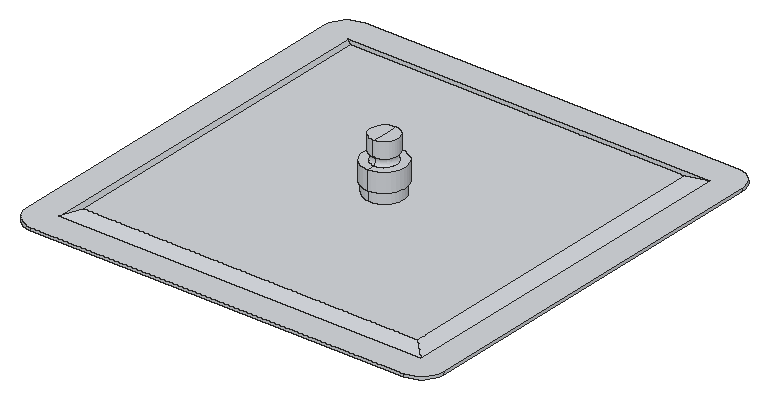
Revit family "BRG-GRF-DCH_ Briggs Reg. Cuad. Slim Inox Cr 30 cm", category Aparatos sanitarios, Revit 2020 (continued)
Definition of nested family "REJILLA"
  Forms (m)
    SweptBlend 123, solid
      path origin (-0.235216, 0.062968, 0.01236) x (-1, 0, 0) y (0, 0, 1)
        loop
          line (-0.110116, -0.059) -> (-0.110116, -0.056)
      profile origin (-0.1251, 0.062968, -0.04664) x (1, 0, 0) y (0, 1, 0)
        loop
          circle (0, -0.000418) r 0.001
      end profile origin (-0.1251, 0.062968, -0.04364) x (1, 0, 0) y (0, 1, 0)
        loop
          circle (0, -0.000418) r 0.004
    SweptBlend 124, solid
      path origin (-0.214366, 0.062968, 0.01236) x (-1, 0, 0) y (0, 0, 1)
        loop
          line (-0.110116, -0.059) -> (-0.110116, -0.056)
      profile origin (-0.10425, 0.062968, -0.04664) x (1, 0, 0) y (0, 1, 0)
        loop
          circle (0, -0.000418) r 0.001
      end profile origin (-0.10425, 0.062968, -0.04364) x (1, 0, 0) y (0, 1, 0)
        loop
          circle (0, -0.000418) r 0.004
    SweptBlend 125, solid
      path origin (-0.193516, 0.062968, 0.01236) x (-1, 0, 0) y (0, 0, 1)
        loop
          line (-0.110116, -0.059) -> (-0.110116, -0.056)
      profile origin (-0.0834, 0.062968, -0.04664) x (1, 0, 0) y (0, 1, 0)
        loop
          circle (0, -0.000418) r 0.001
      end profile origin (-0.0834, 0.062968, -0.04364) x (1, 0, 0) y (0, 1, 0)
        loop
          circle (0, -0.000418) r 0.004
    SweptBlend 126, solid
      path origin (-0.172666, 0.062968, 0.01236) x (-1, 0, 0) y (0, 0, 1)
        loop
          line (-0.110116, -0.059) -> (-0.110116, -0.056)
      profile origin (-0.06255, 0.062968, -0.04664) x (1, 0, 0) y (0, 1, 0)
        loop
          circle (0, -0.000418) r 0.001
      end profile origin (-0.06255, 0.062968, -0.04364) x (1, 0, 0) y (0, 1, 0)
        loop
          circle (0, -0.000418) r 0.004
    SweptBlend 127, solid
      path origin (-0.151816, 0.062968, 0.01236) x (-1, 0, 0) y (0, 0, 1)
        loop
          line (-0.110116, -0.059) -> (-0.110116, -0.056)
      profile origin (-0.0417, 0.062968, -0.04664) x (1, 0, 0) y (0, 1, 0)
        loop
          circle (0, -0.000418) r 0.001
      end profile origin (-0.0417, 0.062968, -0.04364) x (1, 0, 0) y (0, 1, 0)
        loop
          circle (0, -0.000418) r 0.004
    SweptBlend 128, solid
      path origin (-0.130966, 0.062968, 0.01236) x (-1, 0, 0) y (0, 0, 1)
        loop
          line (-0.110116, -0.059) -> (-0.110116, -0.056)
      profile origin (-0.02085, 0.062968, -0.04664) x (1, 0, 0) y (0, 1, 0)
        loop
          circle (0, -0.000418) r 0.001
      end profile origin (-0.02085, 0.062968, -0.04364) x (1, 0, 0) y (0, 1, 0)
        loop
          circle (0, -0.000418) r 0.004
    SweptBlend 129, solid
      path origin (-0.110116, 0.062968, 0.01236) x (-1, 0, 0) y (0, 0, 1)
        loop
          line (-0.110116, -0.059) -> (-0.110116, -0.056)
      profile origin (0, 0.062968, -0.04664) x (1, 0, 0) y (0, 1, 0)
        loop
          circle (0, -0.000418) r 0.001
      end profile origin (0, 0.062968, -0.04364) x (1, 0, 0) y (0, 1, 0)
        loop
          circle (0, -0.000418) r 0.004
    SweptBlend 130, solid
      path origin (-0.089266, 0.062968, 0.01236) x (-1, 0, 0) y (0, 0, 1)
        loop
          line (-0.110116, -0.059) -> (-0.110116, -0.056)
      profile origin (0.02085, 0.062968, -0.04664) x (1, 0, 0) y (0, 1, 0)
        loop
          circle (0, -0.000418) r 0.001
      end profile origin (0.02085, 0.062968, -0.04364) x (1, 0, 0) y (0, 1, 0)
        loop
          circle (0, -0.000418) r 0.004
    SweptBlend 131, solid
      path origin (-0.068416, 0.062968, 0.01236) x (-1, 0, 0) y (0, 0, 1)
        loop
          line (-0.110116, -0.059) -> (-0.110116, -0.056)
      profile origin (0.0417, 0.062968, -0.04664) x (1, 0, 0) y (0, 1, 0)
        loop
          circle (0, -0.000418) r 0.001
      end profile origin (0.0417, 0.062968, -0.04364) x (1, 0, 0) y (0, 1, 0)
        loop
          circle (0, -0.000418) r 0.004
    SweptBlend 132, solid
      path origin (-0.047566, 0.062968, 0.01236) x (-1, 0, 0) y (0, 0, 1)
        loop
          line (-0.110116, -0.059) -> (-0.110116, -0.056)
      profile origin (0.06255, 0.062968, -0.04664) x (1, 0, 0) y (0, 1, 0)
        loop
          circle (0, -0.000418) r 0.001
      end profile origin (0.06255, 0.062968, -0.04364) x (1, 0, 0) y (0, 1, 0)
        loop
          circle (0, -0.000418) r 0.004
    SweptBlend 133, solid
      path origin (-0.026716, 0.062968, 0.01236) x (-1, 0, 0) y (0, 0, 1)
        loop
          line (-0.110116, -0.059) -> (-0.110116, -0.056)
      profile origin (0.0834, 0.062968, -0.04664) x (1, 0, 0) y (0, 1, 0)
        loop
          circle (0, -0.000418) r 0.001
      end profile origin (0.0834, 0.062968, -0.04364) x (1, 0, 0) y (0, 1, 0)
        loop
          circle (0, -0.000418) r 0.004
    SweptBlend 134, solid
      path origin (-0.005866, 0.062968, 0.01236) x (-1, 0, 0) y (0, 0, 1)
        loop
          line (-0.110116, -0.059) -> (-0.110116, -0.056)
      profile origin (0.10425, 0.062968, -0.04664) x (1, 0, 0) y (0, 1, 0)
        loop
          circle (0, -0.000418) r 0.001
      end profile origin (0.10425, 0.062968, -0.04364) x (1, 0, 0) y (0, 1, 0)
        loop
          circle (0, -0.000418) r 0.004
    SweptBlend 135, solid
      path origin (0.014984, 0.062968, 0.01236) x (-1, 0, 0) y (0, 0, 1)
        loop
          line (-0.110116, -0.059) -> (-0.110116, -0.056)
      profile origin (0.1251, 0.062968, -0.04664) x (1, 0, 0) y (0, 1, 0)
        loop
          circle (0, -0.000418) r 0.001
      end profile origin (0.1251, 0.062968, -0.04364) x (1, 0, 0) y (0, 1, 0)
        loop
          circle (0, -0.000418) r 0.004
    SweptBlend 136, solid
      path origin (-0.235216, 0.083818, 0.01236) x (-1, 0, 0) y (0, 0, 1)
        loop
          line (-0.110116, -0.059) -> (-0.110116, -0.056)
      profile origin (-0.1251, 0.083818, -0.04664) x (1, 0, 0) y (0, 1, 0)
        loop
          circle (0, -0.000418) r 0.001
      end profile origin (-0.1251, 0.083818, -0.04364) x (1, 0, 0) y (0, 1, 0)
        loop
          circle (0, -0.000418) r 0.004
    SweptBlend 137, solid
      path origin (-0.214366, 0.083818, 0.01236) x (-1, 0, 0) y (0, 0, 1)
        loop
          line (-0.110116, -0.059) -> (-0.110116, -0.056)
      profile origin (-0.10425, 0.083818, -0.04664) x (1, 0, 0) y (0, 1, 0)
        loop
          circle (0, -0.000418) r 0.001
      end profile origin (-0.10425, 0.083818, -0.04364) x (1, 0, 0) y (0, 1, 0)
        loop
          circle (0, -0.000418) r 0.004
    SweptBlend 138, solid
      path origin (-0.193516, 0.083818, 0.01236) x (-1, 0, 0) y (0, 0, 1)
        loop
          line (-0.110116, -0.059) -> (-0.110116, -0.056)
      profile origin (-0.0834, 0.083818, -0.04664) x (1, 0, 0) y (0, 1, 0)
        loop
          circle (0, -0.000418) r 0.001
      end profile origin (-0.0834, 0.083818, -0.04364) x (1, 0, 0) y (0, 1, 0)
        loop
          circle (0, -0.000418) r 0.004
    SweptBlend 139, solid
      path origin (-0.172666, 0.083818, 0.01236) x (-1, 0, 0) y (0, 0, 1)
        loop
          line (-0.110116, -0.059) -> (-0.110116, -0.056)
      profile origin (-0.06255, 0.083818, -0.04664) x (1, 0, 0) y (0, 1, 0)
        loop
          circle (0, -0.000418) r 0.001
      end profile origin (-0.06255, 0.083818, -0.04364) x (1, 0, 0) y (0, 1, 0)
        loop
          circle (0, -0.000418) r 0.004
    SweptBlend 140, solid
      path origin (-0.151816, 0.083818, 0.01236) x (-1, 0, 0) y (0, 0, 1)
        loop
          line (-0.110116, -0.059) -> (-0.110116, -0.056)
      profile origin (-0.0417, 0.083818, -0.04664) x (1, 0, 0) y (0, 1, 0)
        loop
          circle (0, -0.000418) r 0.001
      end profile origin (-0.0417, 0.083818, -0.04364) x (1, 0, 0) y (0, 1, 0)
        loop
          circle (0, -0.000418) r 0.004
    SweptBlend 141, solid
      path origin (-0.130966, 0.083818, 0.01236) x (-1, 0, 0) y (0, 0, 1)
        loop
          line (-0.110116, -0.059) -> (-0.110116, -0.056)
      profile origin (-0.02085, 0.083818, -0.04664) x (1, 0, 0) y (0, 1, 0)
        loop
          circle (0, -0.000418) r 0.001
      end profile origin (-0.02085, 0.083818, -0.04364) x (1, 0, 0) y (0, 1, 0)
        loop
          circle (0, -0.000418) r 0.004
    SweptBlend 142, solid
      path origin (-0.110116, 0.083818, 0.01236) x (-1, 0, 0) y (0, 0, 1)
        loop
          line (-0.110116, -0.059) -> (-0.110116, -0.056)
      profile origin (0, 0.083818, -0.04664) x (1, 0, 0) y (0, 1, 0)
        loop
          circle (0, -0.000418) r 0.001
      end profile origin (0, 0.083818, -0.04364) x (1, 0, 0) y (0, 1, 0)
        loop
          circle (0, -0.000418) r 0.004
    SweptBlend 143, solid
      path origin (-0.089266, 0.083818, 0.01236) x (-1, 0, 0) y (0, 0, 1)
        loop
          line (-0.110116, -0.059) -> (-0.110116, -0.056)
      profile origin (0.02085, 0.083818, -0.04664) x (1, 0, 0) y (0, 1, 0)
        loop
          circle (0, -0.000418) r 0.001
      end profile origin (0.02085, 0.083818, -0.04364) x (1, 0, 0) y (0, 1, 0)
        loop
          circle (0, -0.000418) r 0.004
    SweptBlend 144, solid
      path origin (-0.068416, 0.083818, 0.01236) x (-1, 0, 0) y (0, 0, 1)
        loop
          line (-0.110116, -0.059) -> (-0.110116, -0.056)
      profile origin (0.0417, 0.083818, -0.04664) x (1, 0, 0) y (0, 1, 0)
        loop
          circle (0, -0.000418) r 0.001
      end profile origin (0.0417, 0.083818, -0.04364) x (1, 0, 0) y (0, 1, 0)
        loop
          circle (0, -0.000418) r 0.004
    SweptBlend 145, solid
      path origin (-0.047566, 0.083818, 0.01236) x (-1, 0, 0) y (0, 0, 1)
        loop
          line (-0.110116, -0.059) -> (-0.110116, -0.056)
      profile origin (0.06255, 0.083818, -0.04664) x (1, 0, 0) y (0, 1, 0)
        loop
          circle (0, -0.000418) r 0.001
      end profile origin (0.06255, 0.083818, -0.04364) x (1, 0, 0) y (0, 1, 0)
        loop
          circle (0, -0.000418) r 0.004
    SweptBlend 146, solid
      path origin (-0.026716, 0.083818, 0.01236) x (-1, 0, 0) y (0, 0, 1)
        loop
          line (-0.110116, -0.059) -> (-0.110116, -0.056)
      profile origin (0.0834, 0.083818, -0.04664) x (1, 0, 0) y (0, 1, 0)
        loop
          circle (0, -0.000418) r 0.001
      end profile origin (0.0834, 0.083818, -0.04364) x (1, 0, 0) y (0, 1, 0)
        loop
          circle (0, -0.000418) r 0.004
    SweptBlend 147, solid
      path origin (-0.005866, 0.083818, 0.01236) x (-1, 0, 0) y (0, 0, 1)
        loop
          line (-0.110116, -0.059) -> (-0.110116, -0.056)
      profile origin (0.10425, 0.083818, -0.04664) x (1, 0, 0) y (0, 1, 0)
        loop
          circle (0, -0.000418) r 0.001
      end profile origin (0.10425, 0.083818, -0.04364) x (1, 0, 0) y (0, 1, 0)
        loop
          circle (0, -0.000418) r 0.004
    SweptBlend 148, solid
      path origin (0.014984, 0.083818, 0.01236) x (-1, 0, 0) y (0, 0, 1)
        loop
          line (-0.110116, -0.059) -> (-0.110116, -0.056)
      profile origin (0.1251, 0.083818, -0.04664) x (1, 0, 0) y (0, 1, 0)
        loop
          circle (0, -0.000418) r 0.001
      end profile origin (0.1251, 0.083818, -0.04364) x (1, 0, 0) y (0, 1, 0)
        loop
          circle (0, -0.000418) r 0.004
    SweptBlend 149, solid
      path origin (-0.235216, 0.104668, 0.01236) x (-1, 0, 0) y (0, 0, 1)
        loop
          line (-0.110116, -0.059) -> (-0.110116, -0.056)
      profile origin (-0.1251, 0.104668, -0.04664) x (1, 0, 0) y (0, 1, 0)
        loop
          circle (0, -0.000418) r 0.001
      end profile origin (-0.1251, 0.104668, -0.04364) x (1, 0, 0) y (0, 1, 0)
        loop
          circle (0, -0.000418) r 0.004
    SweptBlend 150, solid
      path origin (-0.214366, 0.104668, 0.01236) x (-1, 0, 0) y (0, 0, 1)
        loop
          line (-0.110116, -0.059) -> (-0.110116, -0.056)
      profile origin (-0.10425, 0.104668, -0.04664) x (1, 0, 0) y (0, 1, 0)
        loop
          circle (0, -0.000418) r 0.001
      end profile origin (-0.10425, 0.104668, -0.04364) x (1, 0, 0) y (0, 1, 0)
        loop
          circle (0, -0.000418) r 0.004
    SweptBlend 151, solid
      path origin (-0.193516, 0.104668, 0.01236) x (-1, 0, 0) y (0, 0, 1)
        loop
          line (-0.110116, -0.059) -> (-0.110116, -0.056)
      profile origin (-0.0834, 0.104668, -0.04664) x (1, 0, 0) y (0, 1, 0)
        loop
          circle (0, -0.000418) r 0.001
      end profile origin (-0.0834, 0.104668, -0.04364) x (1, 0, 0) y (0, 1, 0)
        loop
          circle (0, -0.000418) r 0.004
    SweptBlend 152, solid
      path origin (-0.172666, 0.104668, 0.01236) x (-1, 0, 0) y (0, 0, 1)
        loop
          line (-0.110116, -0.059) -> (-0.110116, -0.056)
      profile origin (-0.06255, 0.104668, -0.04664) x (1, 0, 0) y (0, 1, 0)
        loop
          circle (0, -0.000418) r 0.001
      end profile origin (-0.06255, 0.104668, -0.04364) x (1, 0, 0) y (0, 1, 0)
        loop
          circle (0, -0.000418) r 0.004
    SweptBlend 153, solid
      path origin (-0.151816, 0.104668, 0.01236) x (-1, 0, 0) y (0, 0, 1)
        loop
          line (-0.110116, -0.059) -> (-0.110116, -0.056)
      profile origin (-0.0417, 0.104668, -0.04664) x (1, 0, 0) y (0, 1, 0)
        loop
          circle (0, -0.000418) r 0.001
      end profile origin (-0.0417, 0.104668, -0.04364) x (1, 0, 0) y (0, 1, 0)
        loop
          circle (0, -0.000418) r 0.004
    SweptBlend 154, solid
      path origin (-0.130966, 0.104668, 0.01236) x (-1, 0, 0) y (0, 0, 1)
        loop
          line (-0.110116, -0.059) -> (-0.110116, -0.056)
      profile origin (-0.02085, 0.104668, -0.04664) x (1, 0, 0) y (0, 1, 0)
        loop
          circle (0, -0.000418) r 0.001
      end profile origin (-0.02085, 0.104668, -0.04364) x (1, 0, 0) y (0, 1, 0)
        loop
          circle (0, -0.000418) r 0.004
    SweptBlend 155, solid
      path origin (-0.110116, 0.104668, 0.01236) x (-1, 0, 0) y (0, 0, 1)
        loop
          line (-0.110116, -0.059) -> (-0.110116, -0.056)
      profile origin (0, 0.104668, -0.04664) x (1, 0, 0) y (0, 1, 0)
        loop
          circle (0, -0.000418) r 0.001
      end profile origin (0, 0.104668, -0.04364) x (1, 0, 0) y (0, 1, 0)
        loop
          circle (0, -0.000418) r 0.004
    SweptBlend 156, solid
      path origin (-0.089266, 0.104668, 0.01236) x (-1, 0, 0) y (0, 0, 1)
        loop
          line (-0.110116, -0.059) -> (-0.110116, -0.056)
      profile origin (0.02085, 0.104668, -0.04664) x (1, 0, 0) y (0, 1, 0)
        loop
          circle (0, -0.000418) r 0.001
      end profile origin (0.02085, 0.104668, -0.04364) x (1, 0, 0) y (0, 1, 0)
        loop
          circle (0, -0.000418) r 0.004
    SweptBlend 157, solid
      path origin (-0.068416, 0.104668, 0.01236) x (-1, 0, 0) y (0, 0, 1)
        loop
          line (-0.110116, -0.059) -> (-0.110116, -0.056)
      profile origin (0.0417, 0.104668, -0.04664) x (1, 0, 0) y (0, 1, 0)
        loop
          circle (0, -0.000418) r 0.001
      end profile origin (0.0417, 0.104668, -0.04364) x (1, 0, 0) y (0, 1, 0)
        loop
          circle (0, -0.000418) r 0.004
    SweptBlend 158, solid
      path origin (-0.047566, 0.104668, 0.01236) x (-1, 0, 0) y (0, 0, 1)
        loop
          line (-0.110116, -0.059) -> (-0.110116, -0.056)
      profile origin (0.06255, 0.104668, -0.04664) x (1, 0, 0) y (0, 1, 0)
        loop
          circle (0, -0.000418) r 0.001
      end profile origin (0.06255, 0.104668, -0.04364) x (1, 0, 0) y (0, 1, 0)
        loop
          circle (0, -0.000418) r 0.004
    SweptBlend 159, solid
      path origin (-0.026716, 0.104668, 0.01236) x (-1, 0, 0) y (0, 0, 1)
        loop
          line (-0.110116, -0.059) -> (-0.110116, -0.056)
      profile origin (0.0834, 0.104668, -0.04664) x (1, 0, 0) y (0, 1, 0)
        loop
          circle (0, -0.000418) r 0.001
      end profile origin (0.0834, 0.104668, -0.04364) x (1, 0, 0) y (0, 1, 0)
        loop
          circle (0, -0.000418) r 0.004
    SweptBlend 160, solid
      path origin (-0.005866, 0.104668, 0.01236) x (-1, 0, 0) y (0, 0, 1)
        loop
          line (-0.110116, -0.059) -> (-0.110116, -0.056)
      profile origin (0.10425, 0.104668, -0.04664) x (1, 0, 0) y (0, 1, 0)
        loop
          circle (0, -0.000418) r 0.001
      end profile origin (0.10425, 0.104668, -0.04364) x (1, 0, 0) y (0, 1, 0)
        loop
          circle (0, -0.000418) r 0.004
    SweptBlend 161, solid
      path origin (0.014984, 0.104668, 0.01236) x (-1, 0, 0) y (0, 0, 1)
        loop
          line (-0.110116, -0.059) -> (-0.110116, -0.056)
      profile origin (0.1251, 0.104668, -0.04664) x (1, 0, 0) y (0, 1, 0)
        loop
          circle (0, -0.000418) r 0.001
      end profile origin (0.1251, 0.104668, -0.04364) x (1, 0, 0) y (0, 1, 0)
        loop
          circle (0, -0.000418) r 0.004
    SweptBlend 162, solid
      path origin (-0.235216, 0.125518, 0.01236) x (-1, 0, 0) y (0, 0, 1)
        loop
          line (-0.110116, -0.059) -> (-0.110116, -0.056)
      profile origin (-0.1251, 0.125518, -0.04664) x (1, 0, 0) y (0, 1, 0)
        loop
          circle (0, -0.000418) r 0.001
      end profile origin (-0.1251, 0.125518, -0.04364) x (1, 0, 0) y (0, 1, 0)
        loop
          circle (0, -0.000418) r 0.004
    SweptBlend 163, solid
      path origin (-0.214366, 0.125518, 0.01236) x (-1, 0, 0) y (0, 0, 1)
        loop
          line (-0.110116, -0.059) -> (-0.110116, -0.056)
      profile origin (-0.10425, 0.125518, -0.04664) x (1, 0, 0) y (0, 1, 0)
        loop
          circle (0, -0.000418) r 0.001
      end profile origin (-0.10425, 0.125518, -0.04364) x (1, 0, 0) y (0, 1, 0)
        loop
          circle (0, -0.000418) r 0.004
    SweptBlend 164, solid
      path origin (-0.193516, 0.125518, 0.01236) x (-1, 0, 0) y (0, 0, 1)
        loop
          line (-0.110116, -0.059) -> (-0.110116, -0.056)
      profile origin (-0.0834, 0.125518, -0.04664) x (1, 0, 0) y (0, 1, 0)
        loop
          circle (0, -0.000418) r 0.001
      end profile origin (-0.0834, 0.125518, -0.04364) x (1, 0, 0) y (0, 1, 0)
        loop
          circle (0, -0.000418) r 0.004
    SweptBlend 165, solid
      path origin (-0.172666, 0.125518, 0.01236) x (-1, 0, 0) y (0, 0, 1)
        loop
          line (-0.110116, -0.059) -> (-0.110116, -0.056)
      profile origin (-0.06255, 0.125518, -0.04664) x (1, 0, 0) y (0, 1, 0)
        loop
          circle (0, -0.000418) r 0.001
      end profile origin (-0.06255, 0.125518, -0.04364) x (1, 0, 0) y (0, 1, 0)
        loop
          circle (0, -0.000418) r 0.004
    SweptBlend 166, solid
      path origin (-0.151816, 0.125518, 0.01236) x (-1, 0, 0) y (0, 0, 1)
        loop
          line (-0.110116, -0.059) -> (-0.110116, -0.056)
      profile origin (-0.0417, 0.125518, -0.04664) x (1, 0, 0) y (0, 1, 0)
        loop
          circle (0, -0.000418) r 0.001
      end profile origin (-0.0417, 0.125518, -0.04364) x (1, 0, 0) y (0, 1, 0)
        loop
          circle (0, -0.000418) r 0.004
    SweptBlend 167, solid
      path origin (-0.130966, 0.125518, 0.01236) x (-1, 0, 0) y (0, 0, 1)
        loop
          line (-0.110116, -0.059) -> (-0.110116, -0.056)
      profile origin (-0.02085, 0.125518, -0.04664) x (1, 0, 0) y (0, 1, 0)
        loop
          circle (0, -0.000418) r 0.001
      end profile origin (-0.02085, 0.125518, -0.04364) x (1, 0, 0) y (0, 1, 0)
        loop
          circle (0, -0.000418) r 0.004
    SweptBlend 168, solid
      path origin (-0.110116, 0.125518, 0.01236) x (-1, 0, 0) y (0, 0, 1)
        loop
          line (-0.110116, -0.059) -> (-0.110116, -0.056)
      profile origin (0, 0.125518, -0.04664) x (1, 0, 0) y (0, 1, 0)
        loop
          circle (0, -0.000418) r 0.001
      end profile origin (0, 0.125518, -0.04364) x (1, 0, 0) y (0, 1, 0)
        loop
          circle (0, -0.000418) r 0.004
    SweptBlend 169, solid
      path origin (-0.089266, 0.125518, 0.01236) x (-1, 0, 0) y (0, 0, 1)
        loop
          line (-0.110116, -0.059) -> (-0.110116, -0.056)
      profile origin (0.02085, 0.125518, -0.04664) x (1, 0, 0) y (0, 1, 0)
        loop
          circle (0, -0.000418) r 0.001
      end profile origin (0.02085, 0.125518, -0.04364) x (1, 0, 0) y (0, 1, 0)
        loop
          circle (0, -0.000418) r 0.004
    SweptBlend 170, solid
      path origin (-0.068416, 0.125518, 0.01236) x (-1, 0, 0) y (0, 0, 1)
        loop
          line (-0.110116, -0.059) -> (-0.110116, -0.056)
      profile origin (0.0417, 0.125518, -0.04664) x (1, 0, 0) y (0, 1, 0)
        loop
          circle (0, -0.000418) r 0.001
      end profile origin (0.0417, 0.125518, -0.04364) x (1, 0, 0) y (0, 1, 0)
        loop
          circle (0, -0.000418) r 0.004
    SweptBlend 171, solid
      path origin (-0.047566, 0.125518, 0.01236) x (-1, 0, 0) y (0, 0, 1)
        loop
          line (-0.110116, -0.059) -> (-0.110116, -0.056)
      profile origin (0.06255, 0.125518, -0.04664) x (1, 0, 0) y (0, 1, 0)
        loop
          circle (0, -0.000418) r 0.001
      end profile origin (0.06255, 0.125518, -0.04364) x (1, 0, 0) y (0, 1, 0)
        loop
          circle (0, -0.000418) r 0.004
    SweptBlend 172, solid
      path origin (-0.026716, 0.125518, 0.01236) x (-1, 0, 0) y (0, 0, 1)
        loop
          line (-0.110116, -0.059) -> (-0.110116, -0.056)
      profile origin (0.0834, 0.125518, -0.04664) x (1, 0, 0) y (0, 1, 0)
        loop
          circle (0, -0.000418) r 0.001
      end profile origin (0.0834, 0.125518, -0.04364) x (1, 0, 0) y (0, 1, 0)
        loop
          circle (0, -0.000418) r 0.004
    SweptBlend 173, solid
      path origin (-0.005866, 0.125518, 0.01236) x (-1, 0, 0) y (0, 0, 1)
        loop
          line (-0.110116, -0.059) -> (-0.110116, -0.056)
      profile origin (0.10425, 0.125518, -0.04664) x (1, 0, 0) y (0, 1, 0)
        loop
          circle (0, -0.000418) r 0.001
      end profile origin (0.10425, 0.125518, -0.04364) x (1, 0, 0) y (0, 1, 0)
        loop
          circle (0, -0.000418) r 0.004
    SweptBlend 174, solid
      path origin (0.014984, 0.125518, 0.01236) x (-1, 0, 0) y (0, 0, 1)
        loop
          line (-0.110116, -0.059) -> (-0.110116, -0.056)
      profile origin (0.1251, 0.125518, -0.04664) x (1, 0, 0) y (0, 1, 0)
        loop
          circle (0, -0.000418) r 0.001
      end profile origin (0.1251, 0.125518, -0.04364) x (1, 0, 0) y (0, 1, 0)
        loop
          circle (0, -0.000418) r 0.004
  Dimensions and locks (m)
    plane 4 "_Alt_Altura de Meson" to level = 0.85 m
    "_ALT_Toma": plane 6 "_RP_Eje" to plane 2
    "_ALT_Meson": plane 4 "_Alt_Altura de Meson" to plane 2
    equal spacing: group 2, group 3, group 4, group 5, group 6, group 7, group 8, group 9, group 10, group 11, group 12, group 13, group 14  (x3)
    equal spacing: group 17, group 18, group 19, group 20, group 21, group 22, group 23, group 24, group 25, group 26, group 27, group 28, group 29  (x3)
    equal spacing: group 15, group 30, group 44, group 58, group 72, group 86, group 100, group 114, group 128, group 142, group 156, group 170, group 184  (x3)
    equal spacing: group 31, group 32, group 33, group 34, group 35, group 36, group 37, group 38, group 39, group 40, group 41, group 42, group 43  (x3)
    equal spacing: group 45, group 46, group 47, group 48, group 49, group 50, group 51, group 52, group 53, group 54, group 55, group 56, group 57  (x3)
    equal spacing: group 59, group 60, group 61, group 62, group 63, group 64, group 65, group 66, group 67, group 68, group 69, group 70, group 71  (x3)
    equal spacing: group 73, group 74, group 75, group 76, group 77, group 78, group 79, group 80, group 81, group 82, group 83, group 84, group 85  (x3)
    equal spacing: group 87, group 88, group 89, group 90, group 91, group 92, group 93, group 94, group 95, group 96, group 97, group 98, group 99  (x3)
    equal spacing: group 101, group 102, group 103, group 104, group 105, group 106, group 107, group 108, group 109, group 110, group 111, group 112, group 113  (x3)
    equal spacing: group 115, group 116, group 117, group 118, group 119, group 120, group 121, group 122, group 123, group 124, group 125, group 126, group 127  (x3)
    equal spacing: group 129, group 130, group 131, group 132, group 133, group 134, group 135, group 136, group 137, group 138, group 139, group 140, group 141  (x3)
    equal spacing: group 143, group 144, group 145, group 146, group 147, group 148, group 149, group 150, group 151, group 152, group 153, group 154, group 155  (x3)
    equal spacing: group 157, group 158, group 159, group 160, group 161, group 162, group 163, group 164, group 165, group 166, group 167, group 168, group 169  (x3)
    equal spacing: group 171, group 172, group 173, group 174, group 175, group 176, group 177, group 178, group 179, group 180, group 181, group 182, group 183  (x3)
    aligned and locked: level to plane 2
  Automatic sketch dimensions
    Revolve 1 sketch curve to plane 1 "Centro (Frontal/Posterior)" = 0.00 m  (x2)
    level to Revolve 1 sketch curve = 0.115 m
    Revolve 1 sketch curve to Revolve 1 sketch curve = 0.05 m
    SweptBlend 4 sketch curve to SweptBlend 4 sketch curve = 0.003 m
    SweptBlend 4 sketch curve to profile plane = 0.00 m  (x4)
    Revolve 1 sketch curve to level = 0.00 m
    Revolve 1 sketch curve to level = 0.041 m
    Revolve 1 sketch curve to Revolve 1 sketch curve = 0.0012 m
    Revolve 1 sketch curve to level = 0.01398 m
    Revolve 1 sketch curve to Revolve 1 sketch curve = 0.002111 m
    Revolve 1 sketch curve to plane 1 "Centro (Frontal/Posterior)" = 0.008975 m
    Revolve 1 sketch curve to Revolve 1 sketch curve = 0.003623 m
    Revolve 1 sketch curve to Revolve 1 sketch curve = 0.010866 m
    Revolve 1 sketch curve to Revolve 1 sketch curve = 0.004527 m
    Revolve 1 sketch curve to Revolve 1 sketch curve = 0.00274 m
    SweptBlend 3 sketch curve to plane 1 "Centro (Frontal/Posterior)" = 0.00 m
    SweptBlend 3 sketch curve to level = 0.04164 m
    SweptBlend 3 sketch curve to SweptBlend 3 sketch curve = 0.004 m
    SweptBlend 5 sketch curve to SweptBlend 5 sketch curve = 0.003 m
    SweptBlend 5 sketch curve to profile plane = 0.00 m
    SweptBlend 5 sketch curve to profile plane = 0.000418 m  (x2)
    profile plane to SweptBlend 5 sketch curve = 0.00 m
    Extrusion 2 sketch curve to plane 3 "Centro (Izquierda/Derecha)" = 0.15 m
    Extrusion 2 sketch curve to Extrusion 2 sketch curve = 0.016 m  (x3)
    plane 3 "Centro (Izquierda/Derecha)" to Extrusion 2 sketch curve = 0.134 m  (x2)
    plane 1 "Centro (Frontal/Posterior)" to Extrusion 2 sketch curve = 0.15 m
    Extrusion 2 sketch curve to plane 1 "Centro (Frontal/Posterior)" = 0.134 m
    SweptBlend 6 sketch curve to SweptBlend 6 sketch curve = 0.003 m
    SweptBlend 6 sketch curve to profile plane = 0.00 m
    SweptBlend 6 sketch curve to profile plane = 0.000418 m  (x2)
    profile plane to SweptBlend 6 sketch curve = 0.00 m
    SweptBlend 7 sketch curve to SweptBlend 7 sketch curve = 0.003 m
    SweptBlend 7 sketch curve to profile plane = 0.00 m
    SweptBlend 7 sketch curve to profile plane = 0.000418 m  (x2)
    profile plane to SweptBlend 7 sketch curve = 0.00 m
    SweptBlend 8 sketch curve to SweptBlend 8 sketch curve = 0.003 m
    SweptBlend 8 sketch curve to profile plane = 0.00 m
    SweptBlend 8 sketch curve to profile plane = 0.000418 m  (x2)
    profile plane to SweptBlend 8 sketch curve = 0.00 m
    SweptBlend 9 sketch curve to SweptBlend 9 sketch curve = 0.003 m
    SweptBlend 9 sketch curve to profile plane = 0.00 m
    SweptBlend 9 sketch curve to profile plane = 0.000418 m  (x2)
    profile plane to SweptBlend 9 sketch curve = 0.00 m
    SweptBlend 10 sketch curve to SweptBlend 10 sketch curve = 0.003 m
    SweptBlend 10 sketch curve to profile plane = 0.00 m
    SweptBlend 10 sketch curve to profile plane = 0.000418 m  (x2)
    profile plane to SweptBlend 10 sketch curve = 0.00 m
    SweptBlend 11 sketch curve to SweptBlend 11 sketch curve = 0.003 m
    SweptBlend 11 sketch curve to profile plane = 0.00 m
    SweptBlend 11 sketch curve to profile plane = 0.000418 m  (x2)
    profile plane to SweptBlend 11 sketch curve = 0.00 m
    SweptBlend 12 sketch curve to SweptBlend 12 sketch curve = 0.003 m
    SweptBlend 12 sketch curve to profile plane = 0.00 m
    SweptBlend 12 sketch curve to profile plane = 0.000418 m  (x2)
    profile plane to SweptBlend 12 sketch curve = 0.00 m
    SweptBlend 13 sketch curve to SweptBlend 13 sketch curve = 0.003 m
    SweptBlend 13 sketch curve to profile plane = 0.00 m
    SweptBlend 13 sketch curve to profile plane = 0.000418 m  (x2)
    profile plane to SweptBlend 13 sketch curve = 0.00 m
    SweptBlend 14 sketch curve to SweptBlend 14 sketch curve = 0.003 m
    SweptBlend 14 sketch curve to profile plane = 0.00 m
    SweptBlend 14 sketch curve to profile plane = 0.000418 m  (x2)
    profile plane to SweptBlend 14 sketch curve = 0.00 m
    SweptBlend 15 sketch curve to SweptBlend 15 sketch curve = 0.003 m
    SweptBlend 15 sketch curve to profile plane = 0.00 m
    SweptBlend 15 sketch curve to profile plane = 0.000418 m  (x2)
    profile plane to SweptBlend 15 sketch curve = 0.00 m
    SweptBlend 16 sketch curve to SweptBlend 16 sketch curve = 0.003 m
    SweptBlend 16 sketch curve to profile plane = 0.00 m
    SweptBlend 16 sketch curve to profile plane = 0.000418 m  (x2)
    profile plane to SweptBlend 16 sketch curve = 0.00 m
    SweptBlend 17 sketch curve to SweptBlend 17 sketch curve = 0.003 m
    SweptBlend 17 sketch curve to profile plane = 0.00 m
    SweptBlend 17 sketch curve to profile plane = 0.000418 m  (x2)
    profile plane to SweptBlend 17 sketch curve = 0.00 m
    SweptBlend 18 sketch curve to SweptBlend 18 sketch curve = 0.003 m
    SweptBlend 18 sketch curve to profile plane = 0.00 m
    SweptBlend 18 sketch curve to profile plane = 0.000418 m  (x2)
    profile plane to SweptBlend 18 sketch curve = 0.00 m
    SweptBlend 19 sketch curve to SweptBlend 19 sketch curve = 0.003 m
    SweptBlend 19 sketch curve to profile plane = 0.00 m
    SweptBlend 19 sketch curve to profile plane = 0.000418 m  (x2)
    profile plane to SweptBlend 19 sketch curve = 0.00 m
    SweptBlend 20 sketch curve to SweptBlend 20 sketch curve = 0.003 m
    SweptBlend 20 sketch curve to profile plane = 0.00 m
    SweptBlend 20 sketch curve to profile plane = 0.000418 m  (x2)
    profile plane to SweptBlend 20 sketch curve = 0.00 m
    SweptBlend 21 sketch curve to SweptBlend 21 sketch curve = 0.003 m
    SweptBlend 21 sketch curve to profile plane = 0.00 m
    SweptBlend 21 sketch curve to profile plane = 0.000418 m  (x2)
    profile plane to SweptBlend 21 sketch curve = 0.00 m
    SweptBlend 22 sketch curve to SweptBlend 22 sketch curve = 0.003 m
    SweptBlend 22 sketch curve to profile plane = 0.00 m
    SweptBlend 22 sketch curve to profile plane = 0.000418 m  (x2)
    profile plane to SweptBlend 22 sketch curve = 0.00 m
    SweptBlend 23 sketch curve to SweptBlend 23 sketch curve = 0.003 m
    SweptBlend 23 sketch curve to profile plane = 0.00 m
    SweptBlend 23 sketch curve to profile plane = 0.000418 m  (x2)
    profile plane to SweptBlend 23 sketch curve = 0.00 m
    SweptBlend 24 sketch curve to SweptBlend 24 sketch curve = 0.003 m
    SweptBlend 24 sketch curve to profile plane = 0.00 m
    SweptBlend 24 sketch curve to profile plane = 0.000418 m  (x2)
    profile plane to SweptBlend 24 sketch curve = 0.00 m
    SweptBlend 25 sketch curve to SweptBlend 25 sketch curve = 0.003 m
    SweptBlend 25 sketch curve to profile plane = 0.00 m
    SweptBlend 25 sketch curve to profile plane = 0.000418 m  (x2)
    profile plane to SweptBlend 25 sketch curve = 0.00 m
    SweptBlend 26 sketch curve to SweptBlend 26 sketch curve = 0.003 m
    SweptBlend 26 sketch curve to profile plane = 0.00 m
    SweptBlend 26 sketch curve to profile plane = 0.000418 m  (x2)
    profile plane to SweptBlend 26 sketch curve = 0.00 m
    SweptBlend 27 sketch curve to SweptBlend 27 sketch curve = 0.003 m
    SweptBlend 27 sketch curve to profile plane = 0.00 m
    SweptBlend 27 sketch curve to profile plane = 0.000418 m  (x2)
    profile plane to SweptBlend 27 sketch curve = 0.00 m
    SweptBlend 28 sketch curve to SweptBlend 28 sketch curve = 0.003 m
    SweptBlend 28 sketch curve to profile plane = 0.00 m
    SweptBlend 28 sketch curve to profile plane = 0.000418 m  (x2)
    profile plane to SweptBlend 28 sketch curve = 0.00 m
    SweptBlend 29 sketch curve to SweptBlend 29 sketch curve = 0.003 m
    SweptBlend 29 sketch curve to profile plane = 0.00 m
    SweptBlend 29 sketch curve to profile plane = 0.000418 m  (x2)
    profile plane to SweptBlend 29 sketch curve = 0.00 m
    SweptBlend 30 sketch curve to SweptBlend 30 sketch curve = 0.003 m
    SweptBlend 30 sketch curve to profile plane = 0.00 m
    SweptBlend 30 sketch curve to profile plane = 0.000418 m  (x2)
    profile plane to SweptBlend 30 sketch curve = 0.00 m
    SweptBlend 31 sketch curve to SweptBlend 31 sketch curve = 0.003 m
    SweptBlend 31 sketch curve to profile plane = 0.00 m
    SweptBlend 31 sketch curve to profile plane = 0.000418 m  (x2)
    profile plane to SweptBlend 31 sketch curve = 0.00 m
    SweptBlend 32 sketch curve to SweptBlend 32 sketch curve = 0.003 m
    SweptBlend 32 sketch curve to profile plane = 0.00 m
    SweptBlend 32 sketch curve to profile plane = 0.000418 m  (x2)
    profile plane to SweptBlend 32 sketch curve = 0.00 m
    SweptBlend 33 sketch curve to SweptBlend 33 sketch curve = 0.003 m
    SweptBlend 33 sketch curve to profile plane = 0.00 m
    SweptBlend 33 sketch curve to profile plane = 0.000418 m  (x2)
    profile plane to SweptBlend 33 sketch curve = 0.00 m
    SweptBlend 34 sketch curve to SweptBlend 34 sketch curve = 0.003 m
    SweptBlend 34 sketch curve to profile plane = 0.00 m
    SweptBlend 34 sketch curve to profile plane = 0.000418 m  (x2)
    profile plane to SweptBlend 34 sketch curve = 0.00 m
    SweptBlend 35 sketch curve to SweptBlend 35 sketch curve = 0.003 m
    SweptBlend 35 sketch curve to profile plane = 0.00 m
    SweptBlend 35 sketch curve to profile plane = 0.000418 m  (x2)
    profile plane to SweptBlend 35 sketch curve = 0.00 m
    SweptBlend 36 sketch curve to SweptBlend 36 sketch curve = 0.003 m
    SweptBlend 36 sketch curve to profile plane = 0.00 m
    SweptBlend 36 sketch curve to profile plane = 0.000418 m  (x2)
    profile plane to SweptBlend 36 sketch curve = 0.00 m
    SweptBlend 37 sketch curve to SweptBlend 37 sketch curve = 0.003 m
    SweptBlend 37 sketch curve to profile plane = 0.00 m
    SweptBlend 37 sketch curve to profile plane = 0.000418 m  (x2)
    profile plane to SweptBlend 37 sketch curve = 0.00 m
    SweptBlend 38 sketch curve to SweptBlend 38 sketch curve = 0.003 m
    SweptBlend 38 sketch curve to profile plane = 0.00 m
    SweptBlend 38 sketch curve to profile plane = 0.000418 m  (x2)
    profile plane to SweptBlend 38 sketch curve = 0.00 m
    SweptBlend 39 sketch curve to SweptBlend 39 sketch curve = 0.003 m
    SweptBlend 39 sketch curve to profile plane = 0.00 m
    SweptBlend 39 sketch curve to profile plane = 0.000418 m  (x2)
    profile plane to SweptBlend 39 sketch curve = 0.00 m
    SweptBlend 40 sketch curve to SweptBlend 40 sketch curve = 0.003 m
    SweptBlend 40 sketch curve to profile plane = 0.00 m
    SweptBlend 40 sketch curve to profile plane = 0.000418 m  (x2)
    profile plane to SweptBlend 40 sketch curve = 0.00 m
    SweptBlend 41 sketch curve to SweptBlend 41 sketch curve = 0.003 m
    SweptBlend 41 sketch curve to profile plane = 0.00 m
    SweptBlend 41 sketch curve to profile plane = 0.000418 m  (x2)
    profile plane to SweptBlend 41 sketch curve = 0.00 m
    SweptBlend 42 sketch curve to SweptBlend 42 sketch curve = 0.003 m
    SweptBlend 42 sketch curve to profile plane = 0.00 m
    SweptBlend 42 sketch curve to profile plane = 0.000418 m  (x2)
    profile plane to SweptBlend 42 sketch curve = 0.00 m
    SweptBlend 43 sketch curve to SweptBlend 43 sketch curve = 0.003 m
    SweptBlend 43 sketch curve to profile plane = 0.00 m
    SweptBlend 43 sketch curve to profile plane = 0.000418 m  (x2)
    profile plane to SweptBlend 43 sketch curve = 0.00 m
    SweptBlend 44 sketch curve to SweptBlend 44 sketch curve = 0.003 m
    SweptBlend 44 sketch curve to profile plane = 0.00 m
    SweptBlend 44 sketch curve to profile plane = 0.000418 m  (x2)
    profile plane to SweptBlend 44 sketch curve = 0.00 m
    SweptBlend 45 sketch curve to SweptBlend 45 sketch curve = 0.003 m
    SweptBlend 45 sketch curve to profile plane = 0.00 m
    SweptBlend 45 sketch curve to profile plane = 0.000418 m  (x2)
    profile plane to SweptBlend 45 sketch curve = 0.00 m
    SweptBlend 46 sketch curve to SweptBlend 46 sketch curve = 0.003 m
    SweptBlend 46 sketch curve to profile plane = 0.00 m
    SweptBlend 46 sketch curve to profile plane = 0.000418 m  (x2)
    profile plane to SweptBlend 46 sketch curve = 0.00 m
    SweptBlend 47 sketch curve to SweptBlend 47 sketch curve = 0.003 m
    SweptBlend 47 sketch curve to profile plane = 0.00 m
    SweptBlend 47 sketch curve to profile plane = 0.000418 m  (x2)
    profile plane to SweptBlend 47 sketch curve = 0.00 m
    SweptBlend 48 sketch curve to SweptBlend 48 sketch curve = 0.003 m
    SweptBlend 48 sketch curve to profile plane = 0.00 m
    SweptBlend 48 sketch curve to profile plane = 0.000418 m  (x2)
    profile plane to SweptBlend 48 sketch curve = 0.00 m
    SweptBlend 49 sketch curve to SweptBlend 49 sketch curve = 0.003 m
    SweptBlend 49 sketch curve to profile plane = 0.00 m
    SweptBlend 49 sketch curve to profile plane = 0.000418 m  (x2)
    profile plane to SweptBlend 49 sketch curve = 0.00 m
    SweptBlend 50 sketch curve to SweptBlend 50 sketch curve = 0.003 m
    SweptBlend 50 sketch curve to profile plane = 0.00 m
    SweptBlend 50 sketch curve to profile plane = 0.000418 m  (x2)
    profile plane to SweptBlend 50 sketch curve = 0.00 m
    SweptBlend 51 sketch curve to SweptBlend 51 sketch curve = 0.003 m
    SweptBlend 51 sketch curve to profile plane = 0.00 m
    SweptBlend 51 sketch curve to profile plane = 0.000418 m  (x2)
    profile plane to SweptBlend 51 sketch curve = 0.00 m
    SweptBlend 52 sketch curve to SweptBlend 52 sketch curve = 0.003 m
    SweptBlend 52 sketch curve to profile plane = 0.00 m
    SweptBlend 52 sketch curve to profile plane = 0.000418 m  (x2)
    profile plane to SweptBlend 52 sketch curve = 0.00 m
    SweptBlend 53 sketch curve to SweptBlend 53 sketch curve = 0.003 m
    SweptBlend 53 sketch curve to profile plane = 0.00 m
    SweptBlend 53 sketch curve to profile plane = 0.000418 m  (x2)
    profile plane to SweptBlend 53 sketch curve = 0.00 m
    SweptBlend 54 sketch curve to SweptBlend 54 sketch curve = 0.003 m
    SweptBlend 54 sketch curve to profile plane = 0.00 m
    SweptBlend 54 sketch curve to profile plane = 0.000418 m  (x2)
    profile plane to SweptBlend 54 sketch curve = 0.00 m
    SweptBlend 55 sketch curve to SweptBlend 55 sketch curve = 0.003 m
    SweptBlend 55 sketch curve to profile plane = 0.00 m
    SweptBlend 55 sketch curve to profile plane = 0.000418 m  (x2)
    profile plane to SweptBlend 55 sketch curve = 0.00 m
    SweptBlend 56 sketch curve to SweptBlend 56 sketch curve = 0.003 m
    SweptBlend 56 sketch curve to profile plane = 0.00 m
    SweptBlend 56 sketch curve to profile plane = 0.000418 m  (x2)
    profile plane to SweptBlend 56 sketch curve = 0.00 m
    SweptBlend 57 sketch curve to SweptBlend 57 sketch curve = 0.003 m
    SweptBlend 57 sketch curve to profile plane = 0.00 m
    SweptBlend 57 sketch curve to profile plane = 0.000418 m  (x2)
    profile plane to SweptBlend 57 sketch curve = 0.00 m
    SweptBlend 58 sketch curve to SweptBlend 58 sketch curve = 0.003 m
    SweptBlend 58 sketch curve to profile plane = 0.00 m
    SweptBlend 58 sketch curve to profile plane = 0.000418 m  (x2)
    profile plane to SweptBlend 58 sketch curve = 0.00 m
    SweptBlend 59 sketch curve to SweptBlend 59 sketch curve = 0.003 m
    SweptBlend 59 sketch curve to profile plane = 0.00 m
    SweptBlend 59 sketch curve to profile plane = 0.000418 m  (x2)
    profile plane to SweptBlend 59 sketch curve = 0.00 m
    SweptBlend 60 sketch curve to SweptBlend 60 sketch curve = 0.003 m
    SweptBlend 60 sketch curve to profile plane = 0.00 m
    SweptBlend 60 sketch curve to profile plane = 0.000418 m  (x2)
    profile plane to SweptBlend 60 sketch curve = 0.00 m
    SweptBlend 61 sketch curve to SweptBlend 61 sketch curve = 0.003 m
    SweptBlend 61 sketch curve to profile plane = 0.00 m
    SweptBlend 61 sketch curve to profile plane = 0.000418 m  (x2)
    profile plane to SweptBlend 61 sketch curve = 0.00 m
    SweptBlend 62 sketch curve to SweptBlend 62 sketch curve = 0.003 m
    SweptBlend 62 sketch curve to profile plane = 0.00 m
    SweptBlend 62 sketch curve to profile plane = 0.000418 m  (x2)
    profile plane to SweptBlend 62 sketch curve = 0.00 m
    SweptBlend 63 sketch curve to SweptBlend 63 sketch curve = 0.003 m
    SweptBlend 63 sketch curve to profile plane = 0.00 m
    SweptBlend 63 sketch curve to profile plane = 0.000418 m  (x2)
    profile plane to SweptBlend 63 sketch curve = 0.00 m
    SweptBlend 64 sketch curve to SweptBlend 64 sketch curve = 0.003 m
    SweptBlend 64 sketch curve to profile plane = 0.00 m
    SweptBlend 64 sketch curve to profile plane = 0.000418 m  (x2)
    profile plane to SweptBlend 64 sketch curve = 0.00 m
    SweptBlend 65 sketch curve to SweptBlend 65 sketch curve = 0.003 m
    SweptBlend 65 sketch curve to profile plane = 0.00 m
    SweptBlend 65 sketch curve to profile plane = 0.000418 m  (x2)
    profile plane to SweptBlend 65 sketch curve = 0.00 m
    SweptBlend 66 sketch curve to SweptBlend 66 sketch curve = 0.003 m
    SweptBlend 66 sketch curve to profile plane = 0.00 m
    SweptBlend 66 sketch curve to profile plane = 0.000418 m  (x2)
    profile plane to SweptBlend 66 sketch curve = 0.00 m
    SweptBlend 67 sketch curve to SweptBlend 67 sketch curve = 0.003 m
    SweptBlend 67 sketch curve to profile plane = 0.00 m
    SweptBlend 67 sketch curve to profile plane = 0.000418 m  (x2)
    profile plane to SweptBlend 67 sketch curve = 0.00 m
    SweptBlend 68 sketch curve to SweptBlend 68 sketch curve = 0.003 m
    SweptBlend 68 sketch curve to profile plane = 0.00 m
    SweptBlend 68 sketch curve to profile plane = 0.000418 m  (x2)
    profile plane to SweptBlend 68 sketch curve = 0.00 m
    SweptBlend 69 sketch curve to SweptBlend 69 sketch curve = 0.003 m
    SweptBlend 69 sketch curve to profile plane = 0.00 m
    SweptBlend 69 sketch curve to profile plane = 0.000418 m  (x2)
    profile plane to SweptBlend 69 sketch curve = 0.00 m
    SweptBlend 70 sketch curve to SweptBlend 70 sketch curve = 0.003 m
    SweptBlend 70 sketch curve to profile plane = 0.00 m
    SweptBlend 70 sketch curve to profile plane = 0.000418 m  (x2)
    profile plane to SweptBlend 70 sketch curve = 0.00 m
    SweptBlend 71 sketch curve to SweptBlend 71 sketch curve = 0.003 m
    SweptBlend 71 sketch curve to profile plane = 0.00 m
    SweptBlend 71 sketch curve to profile plane = 0.000418 m  (x2)
    profile plane to SweptBlend 71 sketch curve = 0.00 m
    SweptBlend 72 sketch curve to SweptBlend 72 sketch curve = 0.003 m
    SweptBlend 72 sketch curve to profile plane = 0.00 m
    SweptBlend 72 sketch curve to profile plane = 0.000418 m  (x2)
    profile plane to SweptBlend 72 sketch curve = 0.00 m
    SweptBlend 73 sketch curve to SweptBlend 73 sketch curve = 0.003 m
    SweptBlend 73 sketch curve to profile plane = 0.00 m
    SweptBlend 73 sketch curve to profile plane = 0.000418 m  (x2)
    profile plane to SweptBlend 73 sketch curve = 0.00 m
    SweptBlend 74 sketch curve to SweptBlend 74 sketch curve = 0.003 m
    SweptBlend 74 sketch curve to profile plane = 0.00 m
    SweptBlend 74 sketch curve to profile plane = 0.000418 m  (x2)
    profile plane to SweptBlend 74 sketch curve = 0.00 m
    SweptBlend 75 sketch curve to SweptBlend 75 sketch curve = 0.003 m
    SweptBlend 75 sketch curve to profile plane = 0.00 m
    SweptBlend 75 sketch curve to profile plane = 0.000418 m  (x2)
    profile plane to SweptBlend 75 sketch curve = 0.00 m
    SweptBlend 76 sketch curve to SweptBlend 76 sketch curve = 0.003 m
    SweptBlend 76 sketch curve to profile plane = 0.00 m
    SweptBlend 76 sketch curve to profile plane = 0.000418 m  (x2)
    profile plane to SweptBlend 76 sketch curve = 0.00 m
    SweptBlend 77 sketch curve to SweptBlend 77 sketch curve = 0.003 m
    SweptBlend 77 sketch curve to profile plane = 0.00 m
    SweptBlend 77 sketch curve to profile plane = 0.000418 m  (x2)
    profile plane to SweptBlend 77 sketch curve = 0.00 m
    SweptBlend 78 sketch curve to SweptBlend 78 sketch curve = 0.003 m
    SweptBlend 78 sketch curve to profile plane = 0.00 m
    SweptBlend 78 sketch curve to profile plane = 0.000418 m  (x2)
    profile plane to SweptBlend 78 sketch curve = 0.00 m
    SweptBlend 79 sketch curve to SweptBlend 79 sketch curve = 0.003 m
    SweptBlend 79 sketch curve to profile plane = 0.00 m
    SweptBlend 79 sketch curve to profile plane = 0.000418 m  (x2)
    profile plane to SweptBlend 79 sketch curve = 0.00 m
    SweptBlend 80 sketch curve to SweptBlend 80 sketch curve = 0.003 m
    SweptBlend 80 sketch curve to profile plane = 0.00 m
    SweptBlend 80 sketch curve to profile plane = 0.000418 m  (x2)
    profile plane to SweptBlend 80 sketch curve = 0.00 m
    SweptBlend 81 sketch curve to SweptBlend 81 sketch curve = 0.003 m
    SweptBlend 81 sketch curve to profile plane = 0.00 m
    SweptBlend 81 sketch curve to profile plane = 0.000418 m  (x2)
    profile plane to SweptBlend 81 sketch curve = 0.00 m
    SweptBlend 82 sketch curve to SweptBlend 82 sketch curve = 0.003 m
    SweptBlend 82 sketch curve to profile plane = 0.00 m
    SweptBlend 82 sketch curve to profile plane = 0.000418 m  (x2)
    profile plane to SweptBlend 82 sketch curve = 0.00 m
    SweptBlend 83 sketch curve to SweptBlend 83 sketch curve = 0.003 m
    SweptBlend 83 sketch curve to profile plane = 0.00 m
    SweptBlend 83 sketch curve to profile plane = 0.000418 m  (x2)
    profile plane to SweptBlend 83 sketch curve = 0.00 m
    SweptBlend 84 sketch curve to SweptBlend 84 sketch curve = 0.003 m
    SweptBlend 84 sketch curve to profile plane = 0.00 m
    SweptBlend 84 sketch curve to profile plane = 0.000418 m  (x2)
    profile plane to SweptBlend 84 sketch curve = 0.00 m
    SweptBlend 85 sketch curve to SweptBlend 85 sketch curve = 0.003 m
    SweptBlend 85 sketch curve to profile plane = 0.00 m
    SweptBlend 85 sketch curve to profile plane = 0.000418 m  (x2)
    profile plane to SweptBlend 85 sketch curve = 0.00 m
    SweptBlend 86 sketch curve to SweptBlend 86 sketch curve = 0.003 m
    SweptBlend 86 sketch curve to profile plane = 0.00 m
    SweptBlend 86 sketch curve to profile plane = 0.000418 m  (x2)
    profile plane to SweptBlend 86 sketch curve = 0.00 m
    SweptBlend 87 sketch curve to SweptBlend 87 sketch curve = 0.003 m
    SweptBlend 87 sketch curve to profile plane = 0.00 m
    SweptBlend 87 sketch curve to profile plane = 0.000418 m  (x2)
    profile plane to SweptBlend 87 sketch curve = 0.00 m
    SweptBlend 88 sketch curve to SweptBlend 88 sketch curve = 0.003 m
    SweptBlend 88 sketch curve to profile plane = 0.00 m
    SweptBlend 88 sketch curve to profile plane = 0.000418 m  (x2)
    profile plane to SweptBlend 88 sketch curve = 0.00 m
    SweptBlend 89 sketch curve to SweptBlend 89 sketch curve = 0.003 m
    SweptBlend 89 sketch curve to profile plane = 0.00 m
    SweptBlend 89 sketch curve to profile plane = 0.000418 m  (x2)
    profile plane to SweptBlend 89 sketch curve = 0.00 m
    SweptBlend 90 sketch curve to SweptBlend 90 sketch curve = 0.003 m
    SweptBlend 90 sketch curve to profile plane = 0.00 m
    SweptBlend 90 sketch curve to profile plane = 0.000418 m  (x2)
    profile plane to SweptBlend 90 sketch curve = 0.00 m
    SweptBlend 91 sketch curve to SweptBlend 91 sketch curve = 0.003 m
    SweptBlend 91 sketch curve to profile plane = 0.00 m
    SweptBlend 91 sketch curve to profile plane = 0.000418 m  (x2)
    profile plane to SweptBlend 91 sketch curve = 0.00 m
    SweptBlend 92 sketch curve to SweptBlend 92 sketch curve = 0.003 m
    SweptBlend 92 sketch curve to profile plane = 0.00 m
    SweptBlend 92 sketch curve to profile plane = 0.000418 m  (x2)
    profile plane to SweptBlend 92 sketch curve = 0.00 m
    SweptBlend 93 sketch curve to SweptBlend 93 sketch curve = 0.003 m
    SweptBlend 93 sketch curve to profile plane = 0.00 m
    SweptBlend 93 sketch curve to profile plane = 0.000418 m  (x2)
    profile plane to SweptBlend 93 sketch curve = 0.00 m
    SweptBlend 94 sketch curve to SweptBlend 94 sketch curve = 0.003 m
    SweptBlend 94 sketch curve to profile plane = 0.00 m
    SweptBlend 94 sketch curve to profile plane = 0.000418 m  (x2)
    profile plane to SweptBlend 94 sketch curve = 0.00 m
    SweptBlend 95 sketch curve to SweptBlend 95 sketch curve = 0.003 m
    SweptBlend 95 sketch curve to profile plane = 0.00 m
    SweptBlend 95 sketch curve to profile plane = 0.000418 m  (x2)
    profile plane to SweptBlend 95 sketch curve = 0.00 m
    SweptBlend 96 sketch curve to SweptBlend 96 sketch curve = 0.003 m
    SweptBlend 96 sketch curve to profile plane = 0.00 m
    SweptBlend 96 sketch curve to profile plane = 0.000418 m  (x2)
    profile plane to SweptBlend 96 sketch curve = 0.00 m
    SweptBlend 97 sketch curve to SweptBlend 97 sketch curve = 0.003 m
    SweptBlend 97 sketch curve to profile plane = 0.00 m
    SweptBlend 97 sketch curve to profile plane = 0.000418 m  (x2)
    profile plane to SweptBlend 97 sketch curve = 0.00 m
    SweptBlend 98 sketch curve to SweptBlend 98 sketch curve = 0.003 m
    SweptBlend 98 sketch curve to profile plane = 0.00 m
    SweptBlend 98 sketch curve to profile plane = 0.000418 m  (x2)
    profile plane to SweptBlend 98 sketch curve = 0.00 m
    SweptBlend 99 sketch curve to SweptBlend 99 sketch curve = 0.003 m
    SweptBlend 99 sketch curve to profile plane = 0.00 m
    SweptBlend 99 sketch curve to profile plane = 0.000418 m  (x2)
    profile plane to SweptBlend 99 sketch curve = 0.00 m
    SweptBlend 100 sketch curve to SweptBlend 100 sketch curve = 0.003 m
    SweptBlend 100 sketch curve to profile plane = 0.00 m
    SweptBlend 100 sketch curve to profile plane = 0.000418 m  (x2)
    profile plane to SweptBlend 100 sketch curve = 0.00 m
    SweptBlend 101 sketch curve to SweptBlend 101 sketch curve = 0.003 m
    SweptBlend 101 sketch curve to profile plane = 0.00 m
    SweptBlend 101 sketch curve to profile plane = 0.000418 m  (x2)
    profile plane to SweptBlend 101 sketch curve = 0.00 m
    SweptBlend 102 sketch curve to SweptBlend 102 sketch curve = 0.003 m
    SweptBlend 102 sketch curve to profile plane = 0.00 m
    SweptBlend 102 sketch curve to profile plane = 0.000418 m  (x2)
    profile plane to SweptBlend 102 sketch curve = 0.00 m
    SweptBlend 103 sketch curve to SweptBlend 103 sketch curve = 0.003 m
    SweptBlend 103 sketch curve to profile plane = 0.00 m
    SweptBlend 103 sketch curve to profile plane = 0.000418 m  (x2)
    profile plane to SweptBlend 103 sketch curve = 0.00 m
    SweptBlend 104 sketch curve to SweptBlend 104 sketch curve = 0.003 m
    SweptBlend 104 sketch curve to profile plane = 0.00 m
    SweptBlend 104 sketch curve to profile plane = 0.000418 m  (x2)
    profile plane to SweptBlend 104 sketch curve = 0.00 m
    SweptBlend 105 sketch curve to SweptBlend 105 sketch curve = 0.003 m
    SweptBlend 105 sketch curve to profile plane = 0.00 m
    SweptBlend 105 sketch curve to profile plane = 0.000418 m  (x2)
    profile plane to SweptBlend 105 sketch curve = 0.00 m
    SweptBlend 106 sketch curve to SweptBlend 106 sketch curve = 0.003 m
    SweptBlend 106 sketch curve to profile plane = 0.00 m
    SweptBlend 106 sketch curve to profile plane = 0.000418 m  (x2)
    profile plane to SweptBlend 106 sketch curve = 0.00 m
    SweptBlend 107 sketch curve to SweptBlend 107 sketch curve = 0.003 m
    SweptBlend 107 sketch curve to profile plane = 0.00 m
    SweptBlend 107 sketch curve to profile plane = 0.000418 m  (x2)
    profile plane to SweptBlend 107 sketch curve = 0.00 m
    SweptBlend 108 sketch curve to SweptBlend 108 sketch curve = 0.003 m
    SweptBlend 108 sketch curve to profile plane = 0.00 m
    SweptBlend 108 sketch curve to profile plane = 0.000418 m  (x2)
    profile plane to SweptBlend 108 sketch curve = 0.00 m
    SweptBlend 109 sketch curve to SweptBlend 109 sketch curve = 0.003 m
    SweptBlend 109 sketch curve to profile plane = 0.00 m
    SweptBlend 109 sketch curve to profile plane = 0.000418 m  (x2)
    profile plane to SweptBlend 109 sketch curve = 0.00 m
    SweptBlend 110 sketch curve to SweptBlend 110 sketch curve = 0.003 m
    SweptBlend 110 sketch curve to profile plane = 0.00 m
    SweptBlend 110 sketch curve to profile plane = 0.000418 m  (x2)
    profile plane to SweptBlend 110 sketch curve = 0.00 m
    SweptBlend 111 sketch curve to SweptBlend 111 sketch curve = 0.003 m
    SweptBlend 111 sketch curve to profile plane = 0.00 m
    SweptBlend 111 sketch curve to profile plane = 0.000418 m  (x2)
    profile plane to SweptBlend 111 sketch curve = 0.00 m
    SweptBlend 112 sketch curve to SweptBlend 112 sketch curve = 0.003 m
    SweptBlend 112 sketch curve to profile plane = 0.00 m
    SweptBlend 112 sketch curve to profile plane = 0.000418 m  (x2)
    profile plane to SweptBlend 112 sketch curve = 0.00 m
    SweptBlend 113 sketch curve to SweptBlend 113 sketch curve = 0.003 m
    SweptBlend 113 sketch curve to profile plane = 0.00 m
    SweptBlend 113 sketch curve to profile plane = 0.000418 m  (x2)
    profile plane to SweptBlend 113 sketch curve = 0.00 m
    SweptBlend 114 sketch curve to SweptBlend 114 sketch curve = 0.003 m
    SweptBlend 114 sketch curve to profile plane = 0.00 m
    SweptBlend 114 sketch curve to profile plane = 0.000418 m  (x2)
    profile plane to SweptBlend 114 sketch curve = 0.00 m
    SweptBlend 115 sketch curve to SweptBlend 115 sketch curve = 0.003 m
    SweptBlend 115 sketch curve to profile plane = 0.00 m
    SweptBlend 115 sketch curve to profile plane = 0.000418 m  (x2)
    profile plane to SweptBlend 115 sketch curve = 0.00 m
    SweptBlend 116 sketch curve to SweptBlend 116 sketch curve = 0.003 m
    SweptBlend 116 sketch curve to profile plane = 0.00 m
    SweptBlend 116 sketch curve to profile plane = 0.000418 m  (x2)
    profile plane to SweptBlend 116 sketch curve = 0.00 m
    SweptBlend 117 sketch curve to SweptBlend 117 sketch curve = 0.003 m
    SweptBlend 117 sketch curve to profile plane = 0.00 m
    SweptBlend 117 sketch curve to profile plane = 0.000418 m  (x2)
    profile plane to SweptBlend 117 sketch curve = 0.00 m
    SweptBlend 118 sketch curve to SweptBlend 118 sketch curve = 0.003 m
    SweptBlend 118 sketch curve to profile plane = 0.00 m
    SweptBlend 118 sketch curve to profile plane = 0.000418 m  (x2)
    profile plane to SweptBlend 118 sketch curve = 0.00 m
    SweptBlend 119 sketch curve to SweptBlend 119 sketch curve = 0.003 m
    SweptBlend 119 sketch curve to profile plane = 0.00 m
    SweptBlend 119 sketch curve to profile plane = 0.000418 m  (x2)
    profile plane to SweptBlend 119 sketch curve = 0.00 m
    SweptBlend 120 sketch curve to SweptBlend 120 sketch curve = 0.003 m
    SweptBlend 120 sketch curve to profile plane = 0.00 m
    SweptBlend 120 sketch curve to profile plane = 0.000418 m  (x2)
    profile plane to SweptBlend 120 sketch curve = 0.00 m
    SweptBlend 121 sketch curve to SweptBlend 121 sketch curve = 0.003 m
    SweptBlend 121 sketch curve to profile plane = 0.00 m
    SweptBlend 121 sketch curve to profile plane = 0.000418 m  (x2)
    profile plane to SweptBlend 121 sketch curve = 0.00 m
    SweptBlend 122 sketch curve to SweptBlend 122 sketch curve = 0.003 m
    SweptBlend 122 sketch curve to profile plane = 0.00 m
    SweptBlend 122 sketch curve to profile plane = 0.000418 m  (x2)
    profile plane to SweptBlend 122 sketch curve = 0.00 m
    SweptBlend 123 sketch curve to SweptBlend 123 sketch curve = 0.003 m
    SweptBlend 123 sketch curve to profile plane = 0.00 m
    SweptBlend 123 sketch curve to profile plane = 0.000418 m  (x2)
    profile plane to SweptBlend 123 sketch curve = 0.00 m
    SweptBlend 124 sketch curve to SweptBlend 124 sketch curve = 0.003 m
    SweptBlend 124 sketch curve to profile plane = 0.00 m
    SweptBlend 124 sketch curve to profile plane = 0.000418 m  (x2)
    profile plane to SweptBlend 124 sketch curve = 0.00 m
    SweptBlend 125 sketch curve to SweptBlend 125 sketch curve = 0.003 m
    SweptBlend 125 sketch curve to profile plane = 0.00 m
    SweptBlend 125 sketch curve to profile plane = 0.000418 m  (x2)
    profile plane to SweptBlend 125 sketch curve = 0.00 m
    SweptBlend 126 sketch curve to SweptBlend 126 sketch curve = 0.003 m
    SweptBlend 126 sketch curve to profile plane = 0.00 m
    SweptBlend 126 sketch curve to profile plane = 0.000418 m  (x2)
    profile plane to SweptBlend 126 sketch curve = 0.00 m
    SweptBlend 127 sketch curve to SweptBlend 127 sketch curve = 0.003 m
    SweptBlend 127 sketch curve to profile plane = 0.00 m
    SweptBlend 127 sketch curve to profile plane = 0.000418 m  (x2)
    profile plane to SweptBlend 127 sketch curve = 0.00 m
    SweptBlend 128 sketch curve to SweptBlend 128 sketch curve = 0.003 m
    SweptBlend 128 sketch curve to profile plane = 0.00 m
    SweptBlend 128 sketch curve to profile plane = 0.000418 m  (x2)
    profile plane to SweptBlend 128 sketch curve = 0.00 m
    SweptBlend 129 sketch curve to SweptBlend 129 sketch curve = 0.003 m
    SweptBlend 129 sketch curve to profile plane = 0.00 m
    SweptBlend 129 sketch curve to profile plane = 0.000418 m  (x2)
    profile plane to SweptBlend 129 sketch curve = 0.00 m
    SweptBlend 130 sketch curve to SweptBlend 130 sketch curve = 0.003 m
    SweptBlend 130 sketch curve to profile plane = 0.00 m
    SweptBlend 130 sketch curve to profile plane = 0.000418 m  (x2)
    profile plane to SweptBlend 130 sketch curve = 0.00 m
    SweptBlend 131 sketch curve to SweptBlend 131 sketch curve = 0.003 m
    SweptBlend 131 sketch curve to profile plane = 0.00 m
    SweptBlend 131 sketch curve to profile plane = 0.000418 m  (x2)
    profile plane to SweptBlend 131 sketch curve = 0.00 m
    SweptBlend 132 sketch curve to SweptBlend 132 sketch curve = 0.003 m
    SweptBlend 132 sketch curve to profile plane = 0.00 m
    SweptBlend 132 sketch curve to profile plane = 0.000418 m  (x2)
    profile plane to SweptBlend 132 sketch curve = 0.00 m
    SweptBlend 133 sketch curve to SweptBlend 133 sketch curve = 0.003 m
    SweptBlend 133 sketch curve to profile plane = 0.00 m
    SweptBlend 133 sketch curve to profile plane = 0.000418 m  (x2)
    profile plane to SweptBlend 133 sketch curve = 0.00 m
    SweptBlend 134 sketch curve to SweptBlend 134 sketch curve = 0.003 m
    SweptBlend 134 sketch curve to profile plane = 0.00 m
    SweptBlend 134 sketch curve to profile plane = 0.000418 m  (x2)
    profile plane to SweptBlend 134 sketch curve = 0.00 m
    SweptBlend 135 sketch curve to SweptBlend 135 sketch curve = 0.003 m
    SweptBlend 135 sketch curve to profile plane = 0.00 m
    SweptBlend 135 sketch curve to profile plane = 0.000418 m  (x2)
    profile plane to SweptBlend 135 sketch curve = 0.00 m
    SweptBlend 136 sketch curve to SweptBlend 136 sketch curve = 0.003 m
    SweptBlend 136 sketch curve to profile plane = 0.00 m
